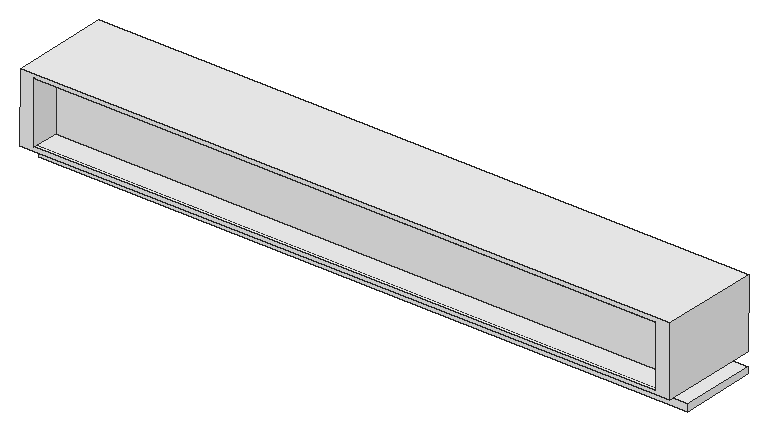
Revit family "Pursuit-W-D", category Lighting Fixtures, host Face, Revit 2014
Parameters (values of type "RN-M-D-02")
  Wattage = 13 W
  Warranty = "5-Years Warranty"  # constant formula
  built-in parameter 1150110 = 1 (stored number, unit not read)
  Voltage = 120 V
  Type Comments = "Lighting Fixture"  # constant formula
  built-in parameter 1114217 = 1 (stored number, unit not read)
  Tilt Angle = 90.00°
  built-in parameter 1150109 = 1 (stored number, unit not read)
  built-in parameter 1150134 = (empty or 0)
  built-in parameter 1150113 = 1 (stored number, unit not read)
  Support For Above 2Feet = if(zz Length 1 < 25.00", 1 > 2, 2 > 1)  # no
  Support for 2Feet = if(zz Length 1 < 25.00", 2 > 1, 1 > 2)  # yes
  Product Page URL = "https://www.hubbell.com/architecturalarealighting/en/Products/Lighting-Controls/Commercial-Outdoor-Lighting/Wall-Mount/Pursuit-Family/p/2834000"
  Product Documentation Link = "https://hubbellcdn.com/specsheet/aal_rni_spec.pdf"
  Power Factor = 1
  Photometric Web File = "RN-D-2-10-3K8-SM-DL.ies"
  Photometric Notes = "More IES files download on Photometric Link"  # constant formula
  Photometric Link = "https://www.hubbell.com/architecturalarealighting/en/Products/Lighting-Controls/Commercial-Outdoor-Lighting/Wall-Mount/Pursuit-Family/p/2834000"
  zz Length 1 = 24.00"
  Wattage Comments = ""
  URL = "https://www.hubbell.com/architecturalarealighting/en/"
  Mounting = "Wall"  # constant formula
  Model = "Pursuit -Wall Indirect"  # constant formula
  Manufacturer = "Architectural Area Lighting"  # constant formula
  built-in parameter 1150105 = 128.28 (stored number, unit not read)
  Lumens = 1612 lm
  built-in parameter 1150115 = 1 (stored number, unit not read)
  Load Classification = Lighting
  built-in parameter 1150137 = (empty or 0)
  built-in parameter 1150139 = (empty or 0)
  built-in parameter 1150112 = 1 (stored number, unit not read)
  built-in parameter 1150114 = 1 (stored number, unit not read)
  Lamp = "LED"  # constant formula
  built-in parameter 1150132 = (empty or 0)
  built-in parameter 1150102 = (empty or 0)
  built-in parameter 1150107 = 3500 (stored number, unit not read)
  built-in parameter 1150138 = (empty or 0)
  built-in parameter 1150106 = 1.2828 (stored number, unit not read)
  Glass = Glass - Hubbell - White
  Fixture Distribution = "Direct"  # constant formula
  Emit from Rectangle Width = zz Length 1 - 1.00"  # 23.00"
  Emit from Rectangle Length = 2.00"  # constant formula
  Emit Shape Visible in Rendering = no
  built-in parameter 1150104 = 11.52 (stored number, unit not read)
  Dimming Lamp Color Temperature Shift = <None>
  Description = "Linear Unlimted Low profile linear form factor seamlessly blends with the architecture - day or night. Individual housing lengths can be connected with external lens for seamless and continuous runs up to 150' to meet a variety of applications"  # constant formula
  Default Elevation = 48.00"
  Create Date = "07/25/2018"  # constant formula
  Copyright = "Copyright © 2018 AAL"  # constant formula
  Contact Us = "https://www.hubbell.com/architecturalarealighting/en/contactUs"
  Color Filter = 16777215
  built-in parameter 1114218 = 1 (stored number, unit not read)
  Housing Material = Paint - Hubbell - White
  built-in parameter 1150133 = 10 (stored number, unit not read)
  Assembly Code = "D5020200"
  Apparent Load = 0 VA
Types (6): name | Tilt Angle | Support For Above 2Feet | Support for 2Feet | Photometric Web File | zz Length 1 | Emit from Rectangle Width
  (no name) | 90.00° | no | yes | "RN-D-2-10-3K8-SM-DL.ies" | 24.00" | 23.00"
  RN-M-D-02 | 90.00° | no | yes | "RN-D-2-10-3K8-SM-DL.ies" | 24.00" | 23.00"
  RN-M-D-03 | -90.00° | yes | no | "RN-U-2-10-3K8-SM.ies" | 36.00" | 35.00"
  RN-M-D-04 | -90.00° | yes | no | "RN-U-2-10-3K8-SM.ies" | 48.00" | 47.00"
  RN-M-D-06 | -90.00° | yes | no | "RN-U-2-10-3K8-SM.ies" | 72.00" | 71.00"
  RN-M-D-08 | 90.00° | yes | no | "RN-D-2-10-3K8-SM-DL.ies" | 96.00" | 95.00"
Reference planes (in)
  plane 1 "Center (Front/Back)": y = 13.01342
  plane 2: z = 0
  plane 3 "Center (Left/Right)": x = 0
  plane 4: x = -12
  plane 5: x = 12
  plane 6: x = -5.75
  plane 7: x = 5.75
  plane 8: z = 0.75
  plane 9: x = -4.5
  plane 10: x = -7
  plane 11: x = 7
  plane 12: x = 4.5
  plane 13: z = 3.3
  plane 14: y = 14.83842
  plane 15: y = 13.73842
  plane 16: z = 0.25
  plane 17: y = 12.03842
Forms (in)
  Extrusion 1, solid, material "Paint - Hubbell - White" <- "Housing Material", visible <- "Support For Above 2Feet"
    sketch origin (0, 13.01342, 0) x (1, 0, 0) y (0, 0, 1)
      loop
        line (-7, 0.25) -> (-4.5, 0.25) -> (-4.5, 0.75078) -> (-7, 0.75078) -> (-7, 0.25)
      loop
        line (7, 0.25) -> (7, 0.75078) -> (4.5, 0.75078) -> (4.5, 0.25) -> (7, 0.25)
    from -1.825 to -0.725
  Extrusion 2, solid, material "Paint - Hubbell - White" <- "Housing Material"
    sketch origin (0, 14.83842, 0) x (1, 0, 0) y (0, 0, 1)
      loop
        line (-12, 0.25) -> (-12, 0) -> (12, 0) -> (12, 0.25) -> (-12, 0.25)
    from 0 to 2.8
  Extrusion 3, solid, material "Paint - Hubbell - White" <- "Housing Material", visible <- "Support for 2Feet"
    sketch origin (0, 14.84336, 0) x (1, 0, 0) y (0, 0, 1)
      loop
        line (-2.4, 0.75) -> (-2.4, 0.25) -> (2.4, 0.25) -> (2.4, 0.75) -> (-2.4, 0.75)
    from 0 to 1.1
Dimensions and locks (in)
  equal spacing: plane 5, plane 3 "Center (Left/Right)", plane 4
  "zz Length 1": plane 5 to plane 4
  plane 8 to plane 2 = 0.75"
  locked: plane 6 to plane 4 at 6.25
  locked: plane 5 to plane 7 at 6.25
  locked: plane 9 to plane 10 at 2.5
  equal spacing: plane 9, plane 6, plane 10
  equal spacing: plane 11, plane 7, plane 12
  locked: plane 11 to plane 12 at 2.5
  locked: plane 14 to plane 15 at 1.1
  plane 13 to plane 8 = 2.55"
  locked: plane 17 to plane 14 at 2.8
  aligned and locked: plane 2 to host face
  aligned and locked: level to host face
  aligned and locked: plane 3 "Center (Left/Right)" to imposter light
  aligned and locked: plane 15 to Extrusion 1
  aligned and locked: Extrusion 1 to plane 16  (x2)
  aligned and locked: Extrusion 2 to plane 14
  aligned and locked: plane 17 to Extrusion 2
Automatic sketch dimensions
  host sketch curve to host sketch curve = 96.00"  (x2)
  Extrusion 1 sketch curve to plane 10 = 0.00"
  Extrusion 1 sketch curve to plane 9 = 0.00"
  Extrusion 1 sketch curve to plane 12 = 0.00"
  Extrusion 1 sketch curve to plane 11 = 0.00"
  Extrusion 1 sketch curve to plane 16 = 0.00"  (x2)
  plane 8 to Extrusion 1 sketch curve = 0.00078"  (x2)
  Extrusion 2 sketch curve to level = 0.00"
  Extrusion 2 sketch curve to plane 4 = 0.00"
  Extrusion 2 sketch curve to plane 5 = 0.00"
  Extrusion 2 sketch curve to plane 16 = 0.00"
  Extrusion 3 sketch curve to plane 16 = 0.00"
  Extrusion 3 sketch curve to plane 8 = 0.00"
  plane 9 to Extrusion 3 sketch curve = 2.10"
  Extrusion 3 sketch curve to plane 12 = 2.10"
Nested families (in)
  nested 1: "Wall Direct" at (-0.01104, 12.97343, 0.74922), Glass <- "Glass", Backbox <- "Housing Material", Length <- "zz Length 1", type "Wall Direct"
    with Length 24.00", Glass Glass - Hubbell - White, Backbox Paint - Hubbell - White
Definition of nested family "Wall Direct"
  Parameters (values of type "Pendent Indirect")
    Wattage Comments = ""
    URL = ""
    Model = ""
    Manufacturer = ""
    Length [instance] = 36.00"
    Lamp = ""
    Glass [instance] = none
    Description = ""
    Default Elevation = 48.00"
    Backbox [instance] = none
  Reference planes (in)
    plane 1 "Center (Front/Back)": y = 0.03999
    plane 2: z = 0
    plane 3 "Center (Left/Right)": x = 0.01104
    plane 4: x = -17.98896
    plane 5: x = 18.01104
    plane 6: x = -17.48896
    plane 7: x = 17.51104
    plane 8: y = 1.22499
    plane 9: y = -1.14501
    plane 10: y = -1.23501
    plane 11: y = 1.31499
    plane 12: z = 2.55078
    plane 13: z = 0.125
    plane 14: z = 2.42578
    plane 15: z = 1.27539
    plane 16: y = 1.86499
    plane 17: y = -1.78501
  Forms (in)
    Extrusion 1, solid
      sketch origin (0, 0, 0.06357) x (1, 0, 0) y (0, 1, 0)
        loop
          line (-48, 48) -> (-48, -48) -> (48, -48) -> (48, 48) -> (-48, 48)
      from -0.06357 to -12.81105
    Extrusion 2, solid, material <- "Backbox"
      sketch origin (0.01104, -1.78501, 1.31577) x (0, 0, -1) y (0, 1, 0)
        loop
          line (1.31499, 3.65) -> (-1.23501, 3.65) -> (-1.23501, 0) -> (1.31499, 0) -> (1.31499, 3.65)
      from -18 to 18
    Extrusion 3, solid, material <- "Glass"
      sketch origin (0, -0.99751, 1.31577) x (1, 0, 0) y (0, 0, -1)
        loop
          line (-17.48896, 1.19077) -> (-17.48896, -1.11001) -> (17.51104, -1.11001) -> (17.51104, 1.19077) -> (-17.48896, 1.19077)
      from -0.7875 to -0.6625
    Extrusion 4, void
      sketch origin (-23.78896, -1.78501, -6.81797) x (0, 0, 1) y (-1, 0, 0)
        loop
          line (6.94297, -6.3) -> (6.94297, -41.3) -> (9.24375, -41.3) -> (9.24375, -6.3) -> (6.94297, -6.3)
      from 0 to -1
  Cuts and joins
    Extrusion 4 cuts Extrusion 2
  Dimensions and locks (in)
    "Length": plane 5 to plane 4
    locked: plane 6 to plane 4 at 0.5
    locked: plane 5 to plane 7 at 0.5
    equal spacing: plane 5, plane 3 "Center (Left/Right)", plane 4
    locked: plane 12 to plane 14 at 0.125
    locked: plane 2 to plane 13 at 0.125
    plane 12 to plane 2 = 2.55078"
    equal spacing: plane 12, plane 15, plane 2
    aligned and locked: plane 2 to Extrusion 1
    aligned and locked: Extrusion 2 to plane 4
    aligned and locked: plane 5 to Extrusion 2
    aligned and locked: Extrusion 4 to Extrusion 3  (x3)
    aligned and locked: plane 12 to Extrusion 2
    aligned and locked: plane 14 to Extrusion 4
    aligned and locked: Extrusion 3 to cut or joined group of Extrusion 2, Extrusion 4
    aligned and locked: plane 13 to Extrusion 3
    aligned and locked: Extrusion 4 to plane 6
    aligned and locked: plane 7 to Extrusion 4
  Automatic sketch dimensions
    Extrusion 1 sketch curve to Extrusion 1 sketch curve = 96.00"  (x2)
    plane 10 to Extrusion 2 sketch curve = 0.55"
    plane 11 to Extrusion 2 sketch curve = 0.55"
    Extrusion 2 sketch curve to Extrusion 2 sketch curve = 2.55"
    Extrusion 4 sketch curve to Extrusion 4 sketch curve = 2.30078"
    level to Extrusion 2 sketch curve = 2.55078"
    level to Extrusion 3 sketch curve = 2.42578"
    level to Extrusion 3 sketch curve = 0.125"
    level to Extrusion 4 sketch curve = 0.125"
    Extrusion 3 sketch curve to plane 7 = 0.00"
    Extrusion 4 sketch curve to plane 7 = 0.00"
    plane 6 to Extrusion 3 sketch curve = 0.00"
    plane 6 to Extrusion 4 sketch curve = 0.00"
